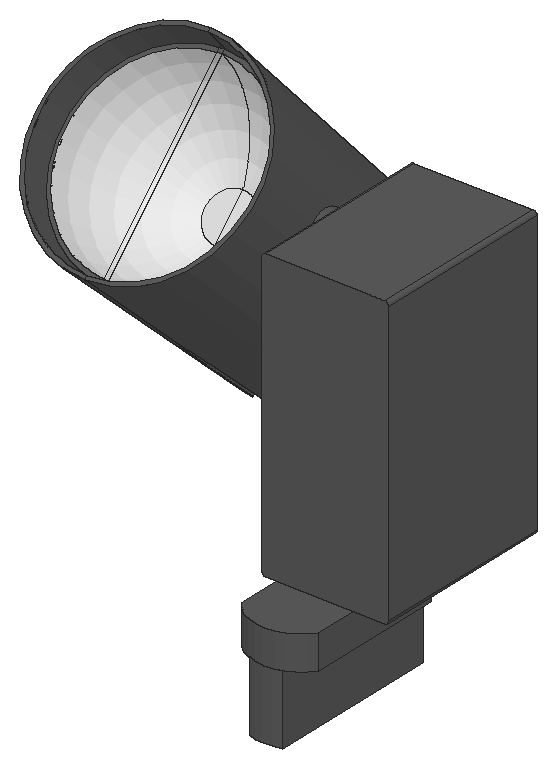
Revit family "0004941 Feilo Sylvania Lighting Fixture START TRACK SPOT S DALI 1944LM 930 MB BLK", category Lighting Fixtures, host Face, Revit 2017 (continued)
Definition of nested family "Start Track Spot Head"
  Types (96, lengths in mm): name | Wattage | built-in parameter 1150134 | Photometric Web File | Model | built-in parameter 1150105 | Lumens | built-in parameter 1150107 | built-in parameter 1150106 | HeadThickness_FEILO | HeadRibOffset_FEILO | HeadRibDepth_FEILO | HeadRibCutWidth_FEILO | HeadRibCutOffset_FEILO | HeadReflectorRadius_FEILO | HeadReflectorOffset_FEILO | HeadLEDRadius_FEILO | HeadHeight_FEILO | HeadDiffusorOffset_FEILO | HeadDiaOut_FEILO | HeadDiaIn_FEILO | HeadAxisFromTop_FEILO | Emit from Circle Diameter | built-in parameter 1150104 | Description | Apparent Load
    0004864 START TRACK SPOT S 24W 3K RA90 WB WHITE | 24 W | (empty or 0) | "0004864.ies" | "START TRACK SPOT S 24W 3K RA90 WB WHITE" | 152.79 (stored number, unit not read) | 1920 lm | 3000 (stored number, unit not read) | 1.5279 (stored number, unit not read) | 1.5 | 4.179 | 55.714 | 7.167 | 50.87 | 50.588 | 55.714 | 9.556 | 117 | 9.435 | 86 | 77.477 | 69.354 | 77.477 | 7.4322 (stored number, unit not read) | "Integrated LED spotlight, Textured White - RAL9016, compact and minimalist design, ideal for retail applications, die-cast aluminium body, passive cooling heatsink. Beam angle: 64°, color temperature: 3000K , total system power: 24W, total fixture output: 1928 lm, LOR: 100%, colour rendering: Ra: 90 typical, LED Chromaticity: 3 step MacAdam ellipse, lifetime: >50000 hours at L70B50, energy class: A++, A+, A, IR/UV free light source without heat radiation, operating voltage: 220-240V / 50-60Hz, drive current: 600mA, electronic driver, non-dimmable, power factor: 0.95, electrical protection: Class II, Global Track 3 Phase adapter suitable for Global trac 3-circuit tracks, ingress protection rating: IP20, suitable for internal environment only, horizontal rotation: 355°, vertical tilt: 90°, dimensions: Ø86x140x200, weight: 0.966kg." | 24 VA
    0004863 START TRACK SPOT S 24W 3K RA90 MB WHITE | 24 W | (empty or 0) | "0004863.ies" | "START TRACK SPOT S 24W 3K RA90 MB WHITE" | 154.7 (stored number, unit not read) | 1944 lm | 3000 (stored number, unit not read) | 1.547 (stored number, unit not read) | 1.5 | 4.179 | 55.714 | 7.167 | 50.87 | 50.588 | 55.714 | 9.556 | 117 | 9.435 | 86 | 77.477 | 69.354 | 77.477 | 7.5251 (stored number, unit not read) | "Integrated LED spotlight, Textured White - RAL9016, compact and minimalist design, ideal for retail applications, die-cast aluminium body, passive cooling heatsink. Beam angle: 36°, color temperature: 3000K , total system power: 24W, total fixture output: 1944 lm, LOR: 100%, colour rendering: Ra: 90 typical, LED Chromaticity: 3 step MacAdam ellipse, lifetime: >50000 hours at L70B50, energy class: A++, A+, A, IR/UV free light source without heat radiation, operating voltage: 220-240V / 50-60Hz, drive current: 600mA, electronic driver, non-dimmable, power factor: 0.95, electrical protection: Class II, Global Track 3 Phase adapter suitable for Global trac 3-circuit tracks, ingress protection rating: IP20, suitable for internal environment only, horizontal rotation: 355°, vertical tilt: 90°, dimensions: Ø86x140x200, weight: 0.966kg." | 24 VA
    0004862 START TRACK SPOT S 24W 3K RA90 NB WHITE | 24 W | (empty or 0) | "0004862.ies" | "START TRACK SPOT S 24W 3K RA90 NB WHITE" | 158.52 (stored number, unit not read) | 1992 lm | 3000 (stored number, unit not read) | 1.5852 (stored number, unit not read) | 1.5 | 4.179 | 55.714 | 7.167 | 50.87 | 50.588 | 55.714 | 9.556 | 117 | 9.435 | 86 | 77.477 | 69.354 | 77.477 | 7.711 (stored number, unit not read) | "Integrated LED spotlight, Textured White - RAL9016, compact and minimalist design, ideal for retail applications, die-cast aluminium body, passive cooling heatsink. Beam angle: 12°, color temperature: 3000K , total system power: 24W, total fixture output: 1987 lm, LOR: 100%, colour rendering: Ra: 90 typical, LED Chromaticity: 3 step MacAdam ellipse, lifetime: >50000 hours at L70B50, energy class: A++, A+, A, IR/UV free light source without heat radiation, operating voltage: 220-240V / 50-60Hz, drive current: 600mA, electronic driver, non-dimmable, power factor: 0.95, electrical protection: Class II, Global Track 3 Phase adapter suitable for Global trac 3-circuit tracks, ingress protection rating: IP20, suitable for internal environment only, horizontal rotation: 355°, vertical tilt: 90°, dimensions: Ø86x140x200, weight: 0.966kg." | 24 VA
    0004861 START TRACK SPOT S 14W 3K RA90 WB WHITE | 14 W | (empty or 0) | "0004861.ies" | "START TRACK SPOT S 14W 3K RA90 WB WHITE" | 100.27 (stored number, unit not read) | 1260 lm | 3000 (stored number, unit not read) | 1.0027 (stored number, unit not read) | 1.5 | 4.179 | 55.714 | 7.167 | 50.87 | 50.588 | 55.714 | 9.556 | 117 | 9.435 | 86 | 77.477 | 69.354 | 77.477 | 8.3613 (stored number, unit not read) | "Integrated LED spotlight, Textured White - RAL9016, compact and minimalist design, ideal for retail applications, die-cast aluminium body, passive cooling heatsink. Beam angle: 64°, color temperature: 3000K , total system power: 14W, total fixture output: 1262 lm, LOR: 100%, colour rendering: Ra: 90 typical, LED Chromaticity: 3 step MacAdam ellipse, lifetime: >50000 hours at L70B50, energy class: A++, A+, A, IR/UV free light source without heat radiation, operating voltage: 220-240V / 50-60Hz, drive current: 350mA, electronic driver, non-dimmable, power factor: 0.92, electrical protection: Class II, Global Track 3 Phase adapter suitable for Global trac 3-circuit tracks, ingress protection rating: IP20, suitable for internal environment only, horizontal rotation: 355°, vertical tilt: 90°, dimensions: Ø86x140x200, weight: 0.940kg." | 14 VA
    0004860 START TRACK SPOT S 14W 3K RA90 MB WHITE | 14 W | (empty or 0) | "0004860.ies" | "START TRACK SPOT S 14W 3K RA90 MB WHITE" | 100.27 (stored number, unit not read) | 1260 lm | 3000 (stored number, unit not read) | 1.0027 (stored number, unit not read) | 1.5 | 4.179 | 55.714 | 7.167 | 50.87 | 50.588 | 55.714 | 9.556 | 117 | 9.435 | 86 | 77.477 | 69.354 | 77.477 | 8.3613 (stored number, unit not read) | "Integrated LED spotlight, Textured White - RAL9016, compact and minimalist design, ideal for retail applications, die-cast aluminium body, passive cooling heatsink. Beam angle: 36°, color temperature: 3000K , total system power: 14W, total fixture output: 1262 lm, LOR: 100%, colour rendering: Ra: 90 typical, LED Chromaticity: 3 step MacAdam ellipse, lifetime: >50000 hours at L70B50, energy class: A++, A+, A, IR/UV free light source without heat radiation, operating voltage: 220-240V / 50-60Hz, drive current: 350mA, electronic driver, non-dimmable, power factor: 0.92, electrical protection: Class II, Global Track 3 Phase adapter suitable for Global trac 3-circuit tracks, ingress protection rating: IP20, suitable for internal environment only, horizontal rotation: 355°, vertical tilt: 90°, dimensions: Ø86x140x200, weight: 0.940kg." | 14 VA
    0004859 START TRACK SPOT S 14W 3K RA90 NB WHITE | 14 W | (empty or 0) | "0004859.ies" | "START TRACK SPOT S 14W 3K RA90 NB WHITE" | 102.5 (stored number, unit not read) | 1288 lm | 3000 (stored number, unit not read) | 1.025 (stored number, unit not read) | 1.5 | 4.179 | 55.714 | 7.167 | 50.87 | 50.588 | 55.714 | 9.556 | 117 | 9.435 | 86 | 77.477 | 69.354 | 77.477 | 8.5471 (stored number, unit not read) | "Integrated LED spotlight, Textured White - RAL9016, compact and minimalist design, ideal for retail applications, die-cast aluminium body, passive cooling heatsink. Beam angle: 12°, color temperature: 3000K , total system power: 14W, total fixture output: 1284 lm, LOR: 100%, colour rendering: Ra: 90 typical, LED Chromaticity: 3 step MacAdam ellipse, lifetime: >50000 hours at L70B50, energy class: A++, A+, A, IR/UV free light source without heat radiation, operating voltage: 220-240V / 50-60Hz, drive current: 350mA, electronic driver, non-dimmable, power factor: 0.92, electrical protection: Class II, Global Track 3 Phase adapter suitable for Global trac 3-circuit tracks, ingress protection rating: IP20, suitable for internal environment only, horizontal rotation: 355°, vertical tilt: 90°, dimensions: Ø86x140x200, weight: 0.940kg." | 14 VA
    0004858 START TRACK SPOT L 55W 4K RA80 WB BLACK | 55 W | 12 | "0004858.ies" | "START TRACK SPOT L 55W 4K RA80 WB BLACK" | 424.55 (stored number, unit not read) | 5335 lm | 4000 (stored number, unit not read) | 4.2455 (stored number, unit not read) | 2 | 4.429 | 59.048 | 9.417 | 53.913 | 66.471 | 59.048 | 12.556 | 124 | 10 | 113 | 101.802 | 73.503 | 101.802 | 9.0116 (stored number, unit not read) | "Integrated LED spotlight, Textured Black - RAL9005, compact and minimalist design, ideal for retail applications, die-cast aluminium body, passive cooling heatsink. Beam angle: 52°, color temperature: 4000K , total system power: 55W, total fixture output: 5320 lm, LOR: 100%, colour rendering: Ra: 80 typical, LED Chromaticity: 3 step MacAdam ellipse, lifetime: >50000 hours at L70B50, energy class: A++, A+, A, IR/UV free light source without heat radiation, operating voltage: 220-240V / 50-60Hz, drive current: 1400mA, electronic driver, non-dimmable, power factor: 0.96, electrical protection: Class II, Global Track 3 Phase adapter suitable for Global trac 3-circuit tracks, ingress protection rating: IP20, suitable for internal environment only, horizontal rotation: 355°, vertical tilt: 90°, dimensions: Ø113x164x240, weight: 1.398kg." | 55 VA
    0004857 START TRACK SPOT L 55W 4K RA80 MB BLACK | 55 W | 12 | "0004857.ies" | "START TRACK SPOT L 55W 4K RA80 MB BLACK" | 428.92 (stored number, unit not read) | 5390 lm | 4000 (stored number, unit not read) | 4.2892 (stored number, unit not read) | 2 | 4.429 | 59.048 | 9.417 | 53.913 | 66.471 | 59.048 | 12.556 | 124 | 10 | 113 | 101.802 | 73.503 | 101.802 | 9.1045 (stored number, unit not read) | "Integrated LED spotlight, Textured Black - RAL9005, compact and minimalist design, ideal for retail applications, die-cast aluminium body, passive cooling heatsink. Beam angle: 38°, color temperature: 4000K , total system power: 55W, total fixture output: 5378 lm, LOR: 100%, colour rendering: Ra: 80 typical, LED Chromaticity: 3 step MacAdam ellipse, lifetime: >50000 hours at L70B50, energy class: A++, A+, A, IR/UV free light source without heat radiation, operating voltage: 220-240V / 50-60Hz, drive current: 1400mA, electronic driver, non-dimmable, power factor: 0.96, electrical protection: Class II, Global Track 3 Phase adapter suitable for Global trac 3-circuit tracks, ingress protection rating: IP20, suitable for internal environment only, horizontal rotation: 355°, vertical tilt: 90°, dimensions: Ø113x164x240, weight: 1.398kg." | 55 VA
    0004856 START TRACK SPOT L 55W 4K RA80 NB BLACK | 55 W | 12 | "0004856.ies" | "START TRACK SPOT L 55W 4K RA80 NB BLACK" | 433.3 (stored number, unit not read) | 5445 lm | 4000 (stored number, unit not read) | 4.333 (stored number, unit not read) | 2 | 4.429 | 59.048 | 9.417 | 53.913 | 66.471 | 59.048 | 12.556 | 124 | 10 | 113 | 101.802 | 73.503 | 101.802 | 9.1974 (stored number, unit not read) | "Integrated LED spotlight, Textured Black - RAL9005, compact and minimalist design, ideal for retail applications, die-cast aluminium body, passive cooling heatsink. Beam angle: 15°, color temperature: 4000K , total system power: 55W, total fixture output: 5426 lm, LOR: 100%, colour rendering: Ra: 80 typical, LED Chromaticity: 3 step MacAdam ellipse, lifetime: >50000 hours at L70B50, energy class: A++, A+, A, IR/UV free light source without heat radiation, operating voltage: 220-240V / 50-60Hz, drive current: 1400mA, electronic driver, non-dimmable, power factor: 0.96, electrical protection: Class II, Global Track 3 Phase adapter suitable for Global trac 3-circuit tracks, ingress protection rating: IP20, suitable for internal environment only, horizontal rotation: 355°, vertical tilt: 90°, dimensions: Ø113x164x240, weight: 1.398kg." | 55 VA
    0004855 START TRACK SPOT L 35W 4K RA80 WB BLACK | 35 W | 12 | "0004855.ies" | "START TRACK SPOT L 35W 4K RA80 WB BLACK" | 320.3 (stored number, unit not read) | 4025 lm | 4000 (stored number, unit not read) | 3.203 (stored number, unit not read) | 2 | 4.429 | 59.048 | 9.417 | 53.913 | 66.471 | 59.048 | 12.556 | 124 | 10 | 113 | 101.802 | 73.503 | 101.802 | 10.684 (stored number, unit not read) | "Integrated LED spotlight, Textured Black - RAL9005, compact and minimalist design, ideal for retail applications, die-cast aluminium body, passive cooling heatsink. Beam angle: 52°, color temperature: 4000K , total system power: 35W, total fixture output: 4010 lm, LOR: 100%, colour rendering: Ra: 80 typical, LED Chromaticity: 3 step MacAdam ellipse, lifetime: >50000 hours at L70B50, energy class: A++, A+, A, IR/UV free light source without heat radiation, operating voltage: 220-240V / 50-60Hz, drive current: 900mA, electronic driver, non-dimmable, power factor: 0.93, electrical protection: Class II, Global Track 3 Phase adapter suitable for Global trac 3-circuit tracks, ingress protection rating: IP20, suitable for internal environment only, horizontal rotation: 355°, vertical tilt: 90°, dimensions: Ø113x164x240, weight: 1.368kg." | 35 VA
    0004854 START TRACK SPOT L 35W 4K RA80 MB BLACK | 35 W | 12 | "0004854.ies" | "START TRACK SPOT L 35W 4K RA80 MB BLACK" | 320.3 (stored number, unit not read) | 4025 lm | 4000 (stored number, unit not read) | 3.203 (stored number, unit not read) | 2 | 4.429 | 59.048 | 9.417 | 53.913 | 66.471 | 59.048 | 12.556 | 124 | 10 | 113 | 101.802 | 73.503 | 101.802 | 10.684 (stored number, unit not read) | "Integrated LED spotlight, Textured Black - RAL9005, compact and minimalist design, ideal for retail applications, die-cast aluminium body, passive cooling heatsink. Beam angle: 38°, color temperature: 4000K , total system power: 35W, total fixture output: 4017 lm, LOR: 100%, colour rendering: Ra: 80 typical, LED Chromaticity: 3 step MacAdam ellipse, lifetime: >50000 hours at L70B50, energy class: A++, A+, A, IR/UV free light source without heat radiation, operating voltage: 220-240V / 50-60Hz, drive current: 900mA, electronic driver, non-dimmable, power factor: 0.93, electrical protection: Class II, Global Track 3 Phase adapter suitable for Global trac 3-circuit tracks, ingress protection rating: IP20, suitable for internal environment only, horizontal rotation: 355°, vertical tilt: 90°, dimensions: Ø113x164x240, weight: 1.368kg." | 35 VA
    0004853 START TRACK SPOT L 35W 4K RA80 NB BLACK | 35 W | 12 | "0004853.ies" | "START TRACK SPOT L 35W 4K RA80 NB BLACK" | 331.44 (stored number, unit not read) | 4165 lm | 4000 (stored number, unit not read) | 3.3144 (stored number, unit not read) | 2 | 4.429 | 59.048 | 9.417 | 53.913 | 66.471 | 59.048 | 12.556 | 124 | 10 | 113 | 101.802 | 73.503 | 101.802 | 11.055 (stored number, unit not read) | "Integrated LED spotlight, Textured Black - RAL9005, compact and minimalist design, ideal for retail applications, die-cast aluminium body, passive cooling heatsink. Beam angle: 15°, color temperature: 4000K , total system power: 35W, total fixture output: 4174 lm, LOR: 100%, colour rendering: Ra: 80 typical, LED Chromaticity: 3 step MacAdam ellipse, lifetime: >50000 hours at L70B50, energy class: A++, A+, A, IR/UV free light source without heat radiation, operating voltage: 220-240V / 50-60Hz, drive current: 900mA, electronic driver, non-dimmable, power factor: 0.93, electrical protection: Class II, Global Track 3 Phase adapter suitable for Global trac 3-circuit tracks, ingress protection rating: IP20, suitable for internal environment only, horizontal rotation: 355°, vertical tilt: 90°, dimensions: Ø113x164x240, weight: 1.368kg." | 35 VA
    0004852 START TRACK SPOT S 24W 4K RA80 WB BLACK | 24 W | 12 | "0004852.ies" | "START TRACK SPOT S 24W 4K RA80 WB BLACK" | 196.72 (stored number, unit not read) | 2472 lm | 4000 (stored number, unit not read) | 1.9672 (stored number, unit not read) | 1.5 | 4.179 | 55.714 | 7.167 | 50.87 | 50.588 | 55.714 | 9.556 | 117 | 9.435 | 86 | 77.477 | 69.354 | 77.477 | 9.569 (stored number, unit not read) | "Integrated LED spotlight, Textured Black - RAL9005, compact and minimalist design, ideal for retail applications, die-cast aluminium body, passive cooling heatsink. Beam angle: 64°, color temperature: 4000K , total system power: 24W, total fixture output: 2476 lm, LOR: 100%, colour rendering: Ra: 80 typical, LED Chromaticity: 3 step MacAdam ellipse, lifetime: >50000 hours at L70B50, energy class: A++, A+, A, IR/UV free light source without heat radiation, operating voltage: 220-240V / 50-60Hz, drive current: 600mA, electronic driver, non-dimmable, power factor: 0.95, electrical protection: Class II, Global Track 3 Phase adapter suitable for Global trac 3-circuit tracks, ingress protection rating: IP20, suitable for internal environment only, horizontal rotation: 355°, vertical tilt: 90°, dimensions: Ø86x140x200, weight: 0.966kg." | 24 VA
    0004851 START TRACK SPOT S 24W 4K RA80 MB BLACK | 24 W | 12 | "0004851.ies" | "START TRACK SPOT S 24W 4K RA80 MB BLACK" | 198.63 (stored number, unit not read) | 2496 lm | 4000 (stored number, unit not read) | 1.9863 (stored number, unit not read) | 1.5 | 4.179 | 55.714 | 7.167 | 50.87 | 50.588 | 55.714 | 9.556 | 117 | 9.435 | 86 | 77.477 | 69.354 | 77.477 | 9.6619 (stored number, unit not read) | "Integrated LED spotlight, Textured Black - RAL9005, compact and minimalist design, ideal for retail applications, die-cast aluminium body, passive cooling heatsink. Beam angle: 36°, color temperature: 4000K , total system power: 24W, total fixture output: 2487 lm, LOR: 100%, colour rendering: Ra: 80 typical, LED Chromaticity: 3 step MacAdam ellipse, lifetime: >50000 hours at L70B50, energy class: A++, A+, A, IR/UV free light source without heat radiation, operating voltage: 220-240V / 50-60Hz, drive current: 600mA, electronic driver, non-dimmable, power factor: 0.95, electrical protection: Class II, Global Track 3 Phase adapter suitable for Global trac 3-circuit tracks, ingress protection rating: IP20, suitable for internal environment only, horizontal rotation: 355°, vertical tilt: 90°, dimensions: Ø86x140x200, weight: 0.966kg." | 24 VA
    0004850 START TRACK SPOT S 24W 4K RA80 NB BLACK | 24 W | 12 | "0004850.ies" | "START TRACK SPOT S 24W 4K RA80 NB BLACK" | 200.54 (stored number, unit not read) | 2520 lm | 4000 (stored number, unit not read) | 2.0054 (stored number, unit not read) | 1.5 | 4.179 | 55.714 | 7.167 | 50.87 | 50.588 | 55.714 | 9.556 | 117 | 9.435 | 86 | 77.477 | 69.354 | 77.477 | 9.7548 (stored number, unit not read) | "Integrated LED spotlight, Textured Black - RAL9005, compact and minimalist design, ideal for retail applications, die-cast aluminium body, passive cooling heatsink. Beam angle: 12°, color temperature: 4000K , total system power: 24W, total fixture output: 2529 lm, LOR: 100%, colour rendering: Ra: 80 typical, LED Chromaticity: 3 step MacAdam ellipse, lifetime: >50000 hours at L70B50, energy class: A++, A+, A, IR/UV free light source without heat radiation, operating voltage: 220-240V / 50-60Hz, drive current: 600mA, electronic driver, non-dimmable, power factor: 0.95, electrical protection: Class II, Global Track 3 Phase adapter suitable for Global trac 3-circuit tracks, ingress protection rating: IP20, suitable for internal environment only, horizontal rotation: 355°, vertical tilt: 90°, dimensions: Ø86x140x200, weight: 0.966kg." | 24 VA
    0004849 START TRACK SPOT S 14W 4K RA80 WB BLACK | 14 W | 12 | "0004849.ies" | "START TRACK SPOT S 14W 4K RA80 WB BLACK" | 123.66 (stored number, unit not read) | 1554 lm | 4000 (stored number, unit not read) | 1.2366 (stored number, unit not read) | 1.5 | 4.179 | 55.714 | 7.167 | 50.87 | 50.588 | 55.714 | 9.556 | 117 | 9.435 | 86 | 77.477 | 69.354 | 77.477 | 10.312 (stored number, unit not read) | "Integrated LED spotlight, Textured Black - RAL9005, compact and minimalist design, ideal for retail applications, die-cast aluminium body, passive cooling heatsink. Beam angle: 64°, color temperature: 4000K , total system power: 14W, total fixture output: 1558 lm, LOR: 100%, colour rendering: Ra: 80 typical, LED Chromaticity: 3 step MacAdam ellipse, lifetime: >50000 hours at L70B50, energy class: A++, A+, A, IR/UV free light source without heat radiation, operating voltage: 220-240V / 50-60Hz, drive current: 350mA, electronic driver, non-dimmable, power factor: 0.92, electrical protection: Class II, Global Track 3 Phase adapter suitable for Global trac 3-circuit tracks, ingress protection rating: IP20, suitable for internal environment only, horizontal rotation: 355°, vertical tilt: 90°, dimensions: Ø86x140x200, weight: 0.940kg." | 14 VA
    0004848 START TRACK SPOT S 14W 4K RA80 MB BLACK | 14 W | 12 | "0004848.ies" | "START TRACK SPOT S 14W 4K RA80 MB BLACK" | 127.01 (stored number, unit not read) | 1596 lm | 4000 (stored number, unit not read) | 1.2701 (stored number, unit not read) | 1.5 | 4.179 | 55.714 | 7.167 | 50.87 | 50.588 | 55.714 | 9.556 | 117 | 9.435 | 86 | 77.477 | 69.354 | 77.477 | 10.591 (stored number, unit not read) | "Integrated LED spotlight, Textured Black - RAL9005, compact and minimalist design, ideal for retail applications, die-cast aluminium body, passive cooling heatsink. Beam angle: 36°, color temperature: 4000K , total system power: 14W, total fixture output: 1598 lm, LOR: 100%, colour rendering: Ra: 80 typical, LED Chromaticity: 3 step MacAdam ellipse, lifetime: >50000 hours at L70B50, energy class: A++, A+, A, IR/UV free light source without heat radiation, operating voltage: 220-240V / 50-60Hz, drive current: 350mA, electronic driver, non-dimmable, power factor: 0.92, electrical protection: Class II, Global Track 3 Phase adapter suitable for Global trac 3-circuit tracks, ingress protection rating: IP20, suitable for internal environment only, horizontal rotation: 355°, vertical tilt: 90°, dimensions: Ø86x140x200, weight: 0.940kg." | 14 VA
    0004847 START TRACK SPOT S 14W 4K RA80 NB BLACK | 14 W | 12 | "0004847.ies" | "START TRACK SPOT S 14W 4K RA80 NB BLACK" | 128.12 (stored number, unit not read) | 1610 lm | 4000 (stored number, unit not read) | 1.2812 (stored number, unit not read) | 1.5 | 4.179 | 55.714 | 7.167 | 50.87 | 50.588 | 55.714 | 9.556 | 117 | 9.435 | 86 | 77.477 | 69.354 | 77.477 | 10.684 (stored number, unit not read) | "Integrated LED spotlight, Textured Black - RAL9005, compact and minimalist design, ideal for retail applications, die-cast aluminium body, passive cooling heatsink. Beam angle: 12°, color temperature: 4000K , total system power: 14W, total fixture output: 1608 lm, LOR: 100%, colour rendering: Ra: 80 typical, LED Chromaticity: 3 step MacAdam ellipse, lifetime: >50000 hours at L70B50, energy class: A++, A+, A, IR/UV free light source without heat radiation, operating voltage: 220-240V / 50-60Hz, drive current: 350mA, electronic driver, non-dimmable, power factor: 0.92, electrical protection: Class II, Global Track 3 Phase adapter suitable for Global trac 3-circuit tracks, ingress protection rating: IP20, suitable for internal environment only, horizontal rotation: 355°, vertical tilt: 90°, dimensions: Ø86x140x200, weight: 0.940kg." | 14 VA
    0004846 START TRACK SPOT L 55W 3K RA80 WB BLACK | 55 W | (empty or 0) | "0004846.ies" | "START TRACK SPOT L 55W 3K RA80 WB BLACK" | 420.17 (stored number, unit not read) | 5280 lm | 3000 (stored number, unit not read) | 4.2017 (stored number, unit not read) | 2 | 4.429 | 59.048 | 9.417 | 53.913 | 66.471 | 59.048 | 12.556 | 124 | 10 | 113 | 101.802 | 73.503 | 101.802 | 8.9187 (stored number, unit not read) | "Integrated LED spotlight, Textured Black - RAL9005, compact and minimalist design, ideal for retail applications, die-cast aluminium body, passive cooling heatsink. Beam angle: 52°, color temperature: 3000K , total system power: 55W, total fixture output: 5298 lm, LOR: 100%, colour rendering: Ra: 80 typical, LED Chromaticity: 3 step MacAdam ellipse, lifetime: >50000 hours at L70B50, energy class: A++, A+, A, IR/UV free light source without heat radiation, operating voltage: 220-240V / 50-60Hz, drive current: 1400mA, electronic driver, non-dimmable, power factor: 0.96, electrical protection: Class II, Global Track 3 Phase adapter suitable for Global trac 3-circuit tracks, ingress protection rating: IP20, suitable for internal environment only, horizontal rotation: 355°, vertical tilt: 90°, dimensions: Ø113x164x240, weight: 1.398kg." | 55 VA
    0004845 START TRACK SPOT L 55W 3K RA80 MB BLACK | 55 W | (empty or 0) | "0004845.ies" | "START TRACK SPOT L 55W 3K RA80 MB BLACK" | 428.92 (stored number, unit not read) | 5390 lm | 3000 (stored number, unit not read) | 4.2892 (stored number, unit not read) | 2 | 4.429 | 59.048 | 9.417 | 53.913 | 66.471 | 59.048 | 12.556 | 124 | 10 | 113 | 101.802 | 73.503 | 101.802 | 9.1045 (stored number, unit not read) | "Integrated LED spotlight, Textured Black - RAL9005, compact and minimalist design, ideal for retail applications, die-cast aluminium body, passive cooling heatsink. Beam angle: 38°, color temperature: 3000K , total system power: 55W, total fixture output: 5381 lm, LOR: 100%, colour rendering: Ra: 80 typical, LED Chromaticity: 3 step MacAdam ellipse, lifetime: >50000 hours at L70B50, energy class: A++, A+, A, IR/UV free light source without heat radiation, operating voltage: 220-240V / 50-60Hz, drive current: 1400mA, electronic driver, non-dimmable, power factor: 0.96, electrical protection: Class II, Global Track 3 Phase adapter suitable for Global trac 3-circuit tracks, ingress protection rating: IP20, suitable for internal environment only, horizontal rotation: 355°, vertical tilt: 90°, dimensions: Ø113x164x240, weight: 1.398kg." | 55 VA
    0004844 START TRACK SPOT L 55W 3K RA80 NB BLACK | 55 W | (empty or 0) | "0004844.ies" | "START TRACK SPOT L 55W 3K RA80 NB BLACK" | 433.3 (stored number, unit not read) | 5445 lm | 3000 (stored number, unit not read) | 4.333 (stored number, unit not read) | 2 | 4.429 | 59.048 | 9.417 | 53.913 | 66.471 | 59.048 | 12.556 | 124 | 10 | 113 | 101.802 | 73.503 | 101.802 | 9.1974 (stored number, unit not read) | "Integrated LED spotlight, Textured Black - RAL9005, compact and minimalist design, ideal for retail applications, die-cast aluminium body, passive cooling heatsink. Beam angle: 15°, color temperature: 3000K , total system power: 55W, total fixture output: 5449 lm, LOR: 100%, colour rendering: Ra: 80 typical, LED Chromaticity: 3 step MacAdam ellipse, lifetime: >50000 hours at L70B50, energy class: A++, A+, A, IR/UV free light source without heat radiation, operating voltage: 220-240V / 50-60Hz, drive current: 1400mA, electronic driver, non-dimmable, power factor: 0.96, electrical protection: Class II, Global Track 3 Phase adapter suitable for Global trac 3-circuit tracks, ingress protection rating: IP20, suitable for internal environment only, horizontal rotation: 355°, vertical tilt: 90°, dimensions: Ø113x164x240, weight: 1.398kg." | 55 VA
    0004843 START TRACK SPOT L 35W 3K RA80 WB BLACK | 35 W | (empty or 0) | "0004843.ies" | "START TRACK SPOT L 35W 3K RA80 WB BLACK" | 314.73 (stored number, unit not read) | 3955 lm | 3000 (stored number, unit not read) | 3.1473 (stored number, unit not read) | 2 | 4.429 | 59.048 | 9.417 | 53.913 | 66.471 | 59.048 | 12.556 | 124 | 10 | 113 | 101.802 | 73.503 | 101.802 | 10.498 (stored number, unit not read) | "Integrated LED spotlight, Textured Black - RAL9005, compact and minimalist design, ideal for retail applications, die-cast aluminium body, passive cooling heatsink. Beam angle: 52°, color temperature: 3000K , total system power: 35W, total fixture output: 3943 lm, LOR: 100%, colour rendering: Ra: 80 typical, LED Chromaticity: 3 step MacAdam ellipse, lifetime: >50000 hours at L70B50, energy class: A++, A+, A, IR/UV free light source without heat radiation, operating voltage: 220-240V / 50-60Hz, drive current: 900mA, electronic driver, non-dimmable, power factor: 0.93, electrical protection: Class II, Global Track 3 Phase adapter suitable for Global trac 3-circuit tracks, ingress protection rating: IP20, suitable for internal environment only, horizontal rotation: 355°, vertical tilt: 90°, dimensions: Ø113x164x240, weight: 1.368kg." | 35 VA
    0004842 START TRACK SPOT L 35W 3K RA80 MB BLACK | 35 W | (empty or 0) | "0004842.ies" | "START TRACK SPOT L 35W 3K RA80 MB BLACK" | 320.3 (stored number, unit not read) | 4025 lm | 3000 (stored number, unit not read) | 3.203 (stored number, unit not read) | 2 | 4.429 | 59.048 | 9.417 | 53.913 | 66.471 | 59.048 | 12.556 | 124 | 10 | 113 | 101.802 | 73.503 | 101.802 | 10.684 (stored number, unit not read) | "Integrated LED spotlight, Textured Black - RAL9005, compact and minimalist design, ideal for retail applications, die-cast aluminium body, passive cooling heatsink. Beam angle: 38°, color temperature: 3000K , total system power: 35W, total fixture output: 4008 lm, LOR: 100%, colour rendering: Ra: 80 typical, LED Chromaticity: 3 step MacAdam ellipse, lifetime: >50000 hours at L70B50, energy class: A++, A+, A, IR/UV free light source without heat radiation, operating voltage: 220-240V / 50-60Hz, drive current: 900mA, electronic driver, non-dimmable, power factor: 0.93, electrical protection: Class II, Global Track 3 Phase adapter suitable for Global trac 3-circuit tracks, ingress protection rating: IP20, suitable for internal environment only, horizontal rotation: 355°, vertical tilt: 90°, dimensions: Ø113x164x240, weight: 1.368kg." | 35 VA
    0004841 START TRACK SPOT L 35W 3K RA80 NB BLACK | 35 W | (empty or 0) | "0004841.ies" | "START TRACK SPOT L 35W 3K RA80 NB BLACK" | 317.51 (stored number, unit not read) | 3990 lm | 3000 (stored number, unit not read) | 3.1751 (stored number, unit not read) | 2 | 4.429 | 59.048 | 9.417 | 53.913 | 66.471 | 59.048 | 12.556 | 124 | 10 | 113 | 101.802 | 73.503 | 101.802 | 10.591 (stored number, unit not read) | "Integrated LED spotlight, Textured Black - RAL9005, compact and minimalist design, ideal for retail applications, die-cast aluminium body, passive cooling heatsink. Beam angle: 15°, color temperature: 3000K , total system power: 35W, total fixture output: 4005 lm, LOR: 100%, colour rendering: Ra: 80 typical, LED Chromaticity: 3 step MacAdam ellipse, lifetime: >50000 hours at L70B50, energy class: A++, A+, A, IR/UV free light source without heat radiation, operating voltage: 220-240V / 50-60Hz, drive current: 900mA, electronic driver, non-dimmable, power factor: 0.93, electrical protection: Class II, Global Track 3 Phase adapter suitable for Global trac 3-circuit tracks, ingress protection rating: IP20, suitable for internal environment only, horizontal rotation: 355°, vertical tilt: 90°, dimensions: Ø113x164x240, weight: 1.368kg." | 35 VA
    0004840 START TRACK SPOT S 24W 3K RA80 WB BLACK | 24 W | (empty or 0) | "0004840.ies" | "START TRACK SPOT S 24W 3K RA80 WB BLACK" | 185.26 (stored number, unit not read) | 2328 lm | 3000 (stored number, unit not read) | 1.8526 (stored number, unit not read) | 1.5 | 4.179 | 55.714 | 7.167 | 50.87 | 50.588 | 55.714 | 9.556 | 117 | 9.435 | 86 | 77.477 | 69.354 | 77.477 | 9.0116 (stored number, unit not read) | "Integrated LED spotlight, Textured Black - RAL9005, compact and minimalist design, ideal for retail applications, die-cast aluminium body, passive cooling heatsink. Beam angle: 64°, color temperature: 3000K , total system power: 24W, total fixture output: 2318 lm, LOR: 100%, colour rendering: Ra: 80 typical, LED Chromaticity: 3 step MacAdam ellipse, lifetime: >50000 hours at L70B50, energy class: A++, A+, A, IR/UV free light source without heat radiation, operating voltage: 220-240V / 50-60Hz, drive current: 600mA, electronic driver, non-dimmable, power factor: 0.95, electrical protection: Class II, Global Track 3 Phase adapter suitable for Global trac 3-circuit tracks, ingress protection rating: IP20, suitable for internal environment only, horizontal rotation: 355°, vertical tilt: 90°, dimensions: Ø86x140x200, weight: 0.966kg." | 24 VA
    0004839 START TRACK SPOT S 24W 3K RA80 MB BLACK | 24 W | (empty or 0) | "0004839.ies" | "START TRACK SPOT S 24W 3K RA80 MB BLACK" | 183.35 (stored number, unit not read) | 2304 lm | 3000 (stored number, unit not read) | 1.8335 (stored number, unit not read) | 1.5 | 4.179 | 55.714 | 7.167 | 50.87 | 50.588 | 55.714 | 9.556 | 117 | 9.435 | 86 | 77.477 | 69.354 | 77.477 | 8.9187 (stored number, unit not read) | "Integrated LED spotlight, Textured Black - RAL9005, compact and minimalist design, ideal for retail applications, die-cast aluminium body, passive cooling heatsink. Beam angle: 36°, color temperature: 3000K , total system power: 24W, total fixture output: 2314 lm, LOR: 100%, colour rendering: Ra: 80 typical, LED Chromaticity: 3 step MacAdam ellipse, lifetime: >50000 hours at L70B50, energy class: A++, A+, A, IR/UV free light source without heat radiation, operating voltage: 220-240V / 50-60Hz, drive current: 600mA, electronic driver, non-dimmable, power factor: 0.95, electrical protection: Class II, Global Track 3 Phase adapter suitable for Global trac 3-circuit tracks, ingress protection rating: IP20, suitable for internal environment only, horizontal rotation: 355°, vertical tilt: 90°, dimensions: Ø86x140x200, weight: 0.966kg." | 24 VA
    0004838 START TRACK SPOT S 24W 3K RA80 NB BLACK | 24 W | (empty or 0) | "0004838.ies" | "START TRACK SPOT S 24W 3K RA80 NB BLACK" | 185.26 (stored number, unit not read) | 2328 lm | 3000 (stored number, unit not read) | 1.8526 (stored number, unit not read) | 1.5 | 4.179 | 55.714 | 7.167 | 50.87 | 50.588 | 55.714 | 9.556 | 117 | 9.435 | 86 | 77.477 | 69.354 | 77.477 | 9.0116 (stored number, unit not read) | "Integrated LED spotlight, Textured Black - RAL9005, compact and minimalist design, ideal for retail applications, die-cast aluminium body, passive cooling heatsink. Beam angle: 12°, color temperature: 3000K , total system power: 24W, total fixture output: 2334 lm, LOR: 100%, colour rendering: Ra: 80 typical, LED Chromaticity: 3 step MacAdam ellipse, lifetime: >50000 hours at L70B50, energy class: A++, A+, A, IR/UV free light source without heat radiation, operating voltage: 220-240V / 50-60Hz, drive current: 600mA, electronic driver, non-dimmable, power factor: 0.95, electrical protection: Class II, Global Track 3 Phase adapter suitable for Global trac 3-circuit tracks, ingress protection rating: IP20, suitable for internal environment only, horizontal rotation: 355°, vertical tilt: 90°, dimensions: Ø86x140x200, weight: 0.966kg." | 24 VA
    0004837 START TRACK SPOT S 14W 3K RA80 WB BLACK | 14 W | (empty or 0) | "0004837.ies" | "START TRACK SPOT S 14W 3K RA80 WB BLACK" | 119.21 (stored number, unit not read) | 1498 lm | 3000 (stored number, unit not read) | 1.1921 (stored number, unit not read) | 1.5 | 4.179 | 55.714 | 7.167 | 50.87 | 50.588 | 55.714 | 9.556 | 117 | 9.435 | 86 | 77.477 | 69.354 | 77.477 | 9.9406 (stored number, unit not read) | "Integrated LED spotlight, Textured Black - RAL9005, compact and minimalist design, ideal for retail applications, die-cast aluminium body, passive cooling heatsink. Beam angle: 64°, color temperature: 3000K , total system power: 14W, total fixture output: 1498 lm, LOR: 100%, colour rendering: Ra: 80 typical, LED Chromaticity: 3 step MacAdam ellipse, lifetime: >50000 hours at L70B50, energy class: A++, A+, A, IR/UV free light source without heat radiation, operating voltage: 220-240V / 50-60Hz, drive current: 350mA, electronic driver, non-dimmable, power factor: 0.92, electrical protection: Class II, Global Track 3 Phase adapter suitable for Global trac 3-circuit tracks, ingress protection rating: IP20, suitable for internal environment only, horizontal rotation: 355°, vertical tilt: 90°, dimensions: Ø86x140x200, weight: 0.940kg." | 14 VA
    0004836 START TRACK SPOT S 14W 3K RA80 MB BLACK | 14 W | (empty or 0) | "0004836.ies" | "START TRACK SPOT S 14W 3K RA80 MB BLACK" | 120.32 (stored number, unit not read) | 1512 lm | 3000 (stored number, unit not read) | 1.2032 (stored number, unit not read) | 1.5 | 4.179 | 55.714 | 7.167 | 50.87 | 50.588 | 55.714 | 9.556 | 117 | 9.435 | 86 | 77.477 | 69.354 | 77.477 | 10.034 (stored number, unit not read) | "Integrated LED spotlight, Textured Black - RAL9005, compact and minimalist design, ideal for retail applications, die-cast aluminium body, passive cooling heatsink. Beam angle: 36°, color temperature: 3000K , total system power: 14W, total fixture output: 1508 lm, LOR: 100%, colour rendering: Ra: 80 typical, LED Chromaticity: 3 step MacAdam ellipse, lifetime: >50000 hours at L70B50, energy class: A++, A+, A, IR/UV free light source without heat radiation, operating voltage: 220-240V / 50-60Hz, drive current: 350mA, electronic driver, non-dimmable, power factor: 0.92, electrical protection: Class II, Global Track 3 Phase adapter suitable for Global trac 3-circuit tracks, ingress protection rating: IP20, suitable for internal environment only, horizontal rotation: 355°, vertical tilt: 90°, dimensions: Ø86x140x200, weight: 0.940kg." | 14 VA
    0004835 START TRACK SPOT S 14W 3K RA80 NB BLACK | 14 W | (empty or 0) | "0004835.ies" | "START TRACK SPOT S 14W 3K RA80 NB BLACK" | 123.66 (stored number, unit not read) | 1554 lm | 3000 (stored number, unit not read) | 1.2366 (stored number, unit not read) | 1.5 | 4.179 | 55.714 | 7.167 | 50.87 | 50.588 | 55.714 | 9.556 | 117 | 9.435 | 86 | 77.477 | 69.354 | 77.477 | 10.312 (stored number, unit not read) | "Integrated LED spotlight, Textured Black - RAL9005, compact and minimalist design, ideal for retail applications, die-cast aluminium body, passive cooling heatsink. Beam angle: 12°, color temperature: 3000K , total system power: 14W, total fixture output: 1551 lm, LOR: 100%, colour rendering: Ra: 80 typical, LED Chromaticity: 3 step MacAdam ellipse, lifetime: >50000 hours at L70B50, energy class: A++, A+, A, IR/UV free light source without heat radiation, operating voltage: 220-240V / 50-60Hz, drive current: 350mA, electronic driver, non-dimmable, power factor: 0.92, electrical protection: Class II, Global Track 3 Phase adapter suitable for Global trac 3-circuit tracks, ingress protection rating: IP20, suitable for internal environment only, horizontal rotation: 355°, vertical tilt: 90°, dimensions: Ø86x140x200, weight: 0.940kg." | 14 VA
    0004834 START TRACK SPOT L 55W 4K RA80 WB WHITE | 55 W | 12 | "0004834.ies" | "START TRACK SPOT L 55W 4K RA80 WB WHITE" | 424.55 (stored number, unit not read) | 5335 lm | 4000 (stored number, unit not read) | 4.2455 (stored number, unit not read) | 2 | 4.429 | 59.048 | 9.417 | 53.913 | 66.471 | 59.048 | 12.556 | 124 | 10 | 113 | 101.802 | 73.503 | 101.802 | 9.0116 (stored number, unit not read) | "Integrated LED spotlight, Textured White - RAL9016, compact and minimalist design, ideal for retail applications, die-cast aluminium body, passive cooling heatsink. Beam angle: 52°, color temperature: 4000K , total system power: 55W, total fixture output: 5320 lm, LOR: 100%, colour rendering: Ra: 80 typical, LED Chromaticity: 3 step MacAdam ellipse, lifetime: >50000 hours at L70B50, energy class: A++, A+, A, IR/UV free light source without heat radiation, operating voltage: 220-240V / 50-60Hz, drive current: 1400mA, electronic driver, non-dimmable, power factor: 0.96, electrical protection: Class II, Global Track 3 Phase adapter suitable for Global trac 3-circuit tracks, ingress protection rating: IP20, suitable for internal environment only, horizontal rotation: 355°, vertical tilt: 90°, dimensions: Ø113x164x240, weight: 1.398kg." | 55 VA
    0004833 START TRACK SPOT L 55W 4K RA80 MB WHITE | 55 W | 12 | "0004833.ies" | "START TRACK SPOT L 55W 4K RA80 MB WHITE" | 428.92 (stored number, unit not read) | 5390 lm | 4000 (stored number, unit not read) | 4.2892 (stored number, unit not read) | 2 | 4.429 | 59.048 | 9.417 | 53.913 | 66.471 | 59.048 | 12.556 | 124 | 10 | 113 | 101.802 | 73.503 | 101.802 | 9.1045 (stored number, unit not read) | "Integrated LED spotlight, Textured White - RAL9016, compact and minimalist design, ideal for retail applications, die-cast aluminium body, passive cooling heatsink. Beam angle: 38°, color temperature: 4000K , total system power: 55W, total fixture output: 5378 lm, LOR: 100%, colour rendering: Ra: 80 typical, LED Chromaticity: 3 step MacAdam ellipse, lifetime: >50000 hours at L70B50, energy class: A++, A+, A, IR/UV free light source without heat radiation, operating voltage: 220-240V / 50-60Hz, drive current: 1400mA, electronic driver, non-dimmable, power factor: 0.96, electrical protection: Class II, Global Track 3 Phase adapter suitable for Global trac 3-circuit tracks, ingress protection rating: IP20, suitable for internal environment only, horizontal rotation: 355°, vertical tilt: 90°, dimensions: Ø113x164x240, weight: 1.398kg." | 55 VA
    0004832 START TRACK SPOT L 55W 4K RA80 NB WHITE | 55 W | 12 | "0004832.ies" | "START TRACK SPOT L 55W 4K RA80 NB WHITE" | 433.3 (stored number, unit not read) | 5445 lm | 4000 (stored number, unit not read) | 4.333 (stored number, unit not read) | 2 | 4.429 | 59.048 | 9.417 | 53.913 | 66.471 | 59.048 | 12.556 | 124 | 10 | 113 | 101.802 | 73.503 | 101.802 | 9.1974 (stored number, unit not read) | "Integrated LED spotlight, Textured White - RAL9016, compact and minimalist design, ideal for retail applications, die-cast aluminium body, passive cooling heatsink. Beam angle: 15°, color temperature: 4000K , total system power: 55W, total fixture output: 5426 lm, LOR: 100%, colour rendering: Ra: 80 typical, LED Chromaticity: 3 step MacAdam ellipse, lifetime: >50000 hours at L70B50, energy class: A++, A+, A, IR/UV free light source without heat radiation, operating voltage: 220-240V / 50-60Hz, drive current: 1400mA, electronic driver, non-dimmable, power factor: 0.96, electrical protection: Class II, Global Track 3 Phase adapter suitable for Global trac 3-circuit tracks, ingress protection rating: IP20, suitable for internal environment only, horizontal rotation: 355°, vertical tilt: 90°, dimensions: Ø113x164x240, weight: 1.398kg." | 55 VA
    0004831 START TRACK SPOT L 35W 4K RA80 WB WHITE | 35 W | 12 | "0004831.ies" | "START TRACK SPOT L 35W 4K RA80 WB WHITE" | 320.3 (stored number, unit not read) | 4025 lm | 4000 (stored number, unit not read) | 3.203 (stored number, unit not read) | 2 | 4.429 | 59.048 | 9.417 | 53.913 | 66.471 | 59.048 | 12.556 | 124 | 10 | 113 | 101.802 | 73.503 | 101.802 | 10.684 (stored number, unit not read) | "Integrated LED spotlight, Textured White - RAL9016, compact and minimalist design, ideal for retail applications, die-cast aluminium body, passive cooling heatsink. Beam angle: 52°, color temperature: 4000K , total system power: 35W, total fixture output: 4010 lm, LOR: 100%, colour rendering: Ra: 80 typical, LED Chromaticity: 3 step MacAdam ellipse, lifetime: >50000 hours at L70B50, energy class: A++, A+, A, IR/UV free light source without heat radiation, operating voltage: 220-240V / 50-60Hz, drive current: 900mA, electronic driver, non-dimmable, power factor: 0.93, electrical protection: Class II, Global Track 3 Phase adapter suitable for Global trac 3-circuit tracks, ingress protection rating: IP20, suitable for internal environment only, horizontal rotation: 355°, vertical tilt: 90°, dimensions: Ø113x164x240, weight: 1.368kg." | 35 VA
    0004830 START TRACK SPOT L 35W 4K RA80 MB WHITE | 35 W | 12 | "0004830.ies" | "START TRACK SPOT L 35W 4K RA80 MB WHITE" | 320.3 (stored number, unit not read) | 4025 lm | 4000 (stored number, unit not read) | 3.203 (stored number, unit not read) | 2 | 4.429 | 59.048 | 9.417 | 53.913 | 66.471 | 59.048 | 12.556 | 124 | 10 | 113 | 101.802 | 73.503 | 101.802 | 10.684 (stored number, unit not read) | "Integrated LED spotlight, Textured White - RAL9016, compact and minimalist design, ideal for retail applications, die-cast aluminium body, passive cooling heatsink. Beam angle: 38°, color temperature: 4000K , total system power: 35W, total fixture output: 4017 lm, LOR: 100%, colour rendering: Ra: 80 typical, LED Chromaticity: 3 step MacAdam ellipse, lifetime: >50000 hours at L70B50, energy class: A++, A+, A, IR/UV free light source without heat radiation, operating voltage: 220-240V / 50-60Hz, drive current: 900mA, electronic driver, non-dimmable, power factor: 0.93, electrical protection: Class II, Global Track 3 Phase adapter suitable for Global trac 3-circuit tracks, ingress protection rating: IP20, suitable for internal environment only, horizontal rotation: 355°, vertical tilt: 90°, dimensions: Ø113x164x240, weight: 1.368kg." | 35 VA
    0004829 START TRACK SPOT L 35W 4K RA80 NB WHITE | 35 W | 12 | "0004829.ies" | "START TRACK SPOT L 35W 4K RA80 NB WHITE" | 331.44 (stored number, unit not read) | 4165 lm | 4000 (stored number, unit not read) | 3.3144 (stored number, unit not read) | 2 | 4.429 | 59.048 | 9.417 | 53.913 | 66.471 | 59.048 | 12.556 | 124 | 10 | 113 | 101.802 | 73.503 | 101.802 | 11.055 (stored number, unit not read) | "Integrated LED spotlight, Textured White - RAL9016, compact and minimalist design, ideal for retail applications, die-cast aluminium body, passive cooling heatsink. Beam angle: 15°, color temperature: 4000K , total system power: 35W, total fixture output: 4174 lm, LOR: 100%, colour rendering: Ra: 80 typical, LED Chromaticity: 3 step MacAdam ellipse, lifetime: >50000 hours at L70B50, energy class: A++, A+, A, IR/UV free light source without heat radiation, operating voltage: 220-240V / 50-60Hz, drive current: 900mA, electronic driver, non-dimmable, power factor: 0.93, electrical protection: Class II, Global Track 3 Phase adapter suitable for Global trac 3-circuit tracks, ingress protection rating: IP20, suitable for internal environment only, horizontal rotation: 355°, vertical tilt: 90°, dimensions: Ø113x164x240, weight: 1.368kg." | 35 VA
    0004828 START TRACK SPOT S 24W 4K RA80 WB WHITE | 24 W | 12 | "0004828.ies" | "START TRACK SPOT S 24W 4K RA80 WB WHITE" | 196.72 (stored number, unit not read) | 2472 lm | 4000 (stored number, unit not read) | 1.9672 (stored number, unit not read) | 1.5 | 4.179 | 55.714 | 7.167 | 50.87 | 50.588 | 55.714 | 9.556 | 117 | 9.435 | 86 | 77.477 | 69.354 | 77.477 | 9.569 (stored number, unit not read) | "Integrated LED spotlight, Textured White - RAL9016, compact and minimalist design, ideal for retail applications, die-cast aluminium body, passive cooling heatsink. Beam angle: 64°, color temperature: 4000K , total system power: 24W, total fixture output: 2476 lm, LOR: 100%, colour rendering: Ra: 80 typical, LED Chromaticity: 3 step MacAdam ellipse, lifetime: >50000 hours at L70B50, energy class: A++, A+, A, IR/UV free light source without heat radiation, operating voltage: 220-240V / 50-60Hz, drive current: 600mA, electronic driver, non-dimmable, power factor: 0.95, electrical protection: Class II, Global Track 3 Phase adapter suitable for Global trac 3-circuit tracks, ingress protection rating: IP20, suitable for internal environment only, horizontal rotation: 355°, vertical tilt: 90°, dimensions: Ø86x140x200, weight: 0.966kg." | 24 VA
    0004827 START TRACK SPOT S 24W 4K RA80 MB WHITE | 24 W | 12 | "0004827.ies" | "START TRACK SPOT S 24W 4K RA80 MB WHITE" | 198.63 (stored number, unit not read) | 2496 lm | 4000 (stored number, unit not read) | 1.9863 (stored number, unit not read) | 1.5 | 4.179 | 55.714 | 7.167 | 50.87 | 50.588 | 55.714 | 9.556 | 117 | 9.435 | 86 | 77.477 | 69.354 | 77.477 | 9.6619 (stored number, unit not read) | "Integrated LED spotlight, Textured White - RAL9016, compact and minimalist design, ideal for retail applications, die-cast aluminium body, passive cooling heatsink. Beam angle: 36°, color temperature: 4000K , total system power: 24W, total fixture output: 2487 lm, LOR: 100%, colour rendering: Ra: 80 typical, LED Chromaticity: 3 step MacAdam ellipse, lifetime: >50000 hours at L70B50, energy class: A++, A+, A, IR/UV free light source without heat radiation, operating voltage: 220-240V / 50-60Hz, drive current: 600mA, electronic driver, non-dimmable, power factor: 0.95, electrical protection: Class II, Global Track 3 Phase adapter suitable for Global trac 3-circuit tracks, ingress protection rating: IP20, suitable for internal environment only, horizontal rotation: 355°, vertical tilt: 90°, dimensions: Ø86x140x200, weight: 0.966kg." | 24 VA
    0004826 START TRACK SPOT S 24W 4K RA80 NB WHITE | 24 W | 12 | "0004826.ies" | "START TRACK SPOT S 24W 4K RA80 NB WHITE" | 200.54 (stored number, unit not read) | 2520 lm | 4000 (stored number, unit not read) | 2.0054 (stored number, unit not read) | 1.5 | 4.179 | 55.714 | 7.167 | 50.87 | 50.588 | 55.714 | 9.556 | 117 | 9.435 | 86 | 77.477 | 69.354 | 77.477 | 9.7548 (stored number, unit not read) | "Integrated LED spotlight, Textured White - RAL9016, compact and minimalist design, ideal for retail applications, die-cast aluminium body, passive cooling heatsink. Beam angle: 12°, color temperature: 4000K , total system power: 24W, total fixture output: 2529 lm, LOR: 100%, colour rendering: Ra: 80 typical, LED Chromaticity: 3 step MacAdam ellipse, lifetime: >50000 hours at L70B50, energy class: A++, A+, A, IR/UV free light source without heat radiation, operating voltage: 220-240V / 50-60Hz, drive current: 600mA, electronic driver, non-dimmable, power factor: 0.95, electrical protection: Class II, Global Track 3 Phase adapter suitable for Global trac 3-circuit tracks, ingress protection rating: IP20, suitable for internal environment only, horizontal rotation: 355°, vertical tilt: 90°, dimensions: Ø86x140x200, weight: 0.966kg." | 24 VA
    0004825 START TRACK SPOT S 14W 4K RA80 WB WHITE | 14 W | 12 | "0004825.ies" | "START TRACK SPOT S 14W 4K RA80 WB WHITE" | 123.66 (stored number, unit not read) | 1554 lm | 4000 (stored number, unit not read) | 1.2366 (stored number, unit not read) | 1.5 | 4.179 | 55.714 | 7.167 | 50.87 | 50.588 | 55.714 | 9.556 | 117 | 9.435 | 86 | 77.477 | 69.354 | 77.477 | 10.312 (stored number, unit not read) | "Integrated LED spotlight, Textured White - RAL9016, compact and minimalist design, ideal for retail applications, die-cast aluminium body, passive cooling heatsink. Beam angle: 64°, color temperature: 4000K , total system power: 14W, total fixture output: 1558 lm, LOR: 100%, colour rendering: Ra: 80 typical, LED Chromaticity: 3 step MacAdam ellipse, lifetime: >50000 hours at L70B50, energy class: A++, A+, A, IR/UV free light source without heat radiation, operating voltage: 220-240V / 50-60Hz, drive current: 350mA, electronic driver, non-dimmable, power factor: 0.92, electrical protection: Class II, Global Track 3 Phase adapter suitable for Global trac 3-circuit tracks, ingress protection rating: IP20, suitable for internal environment only, horizontal rotation: 355°, vertical tilt: 90°, dimensions: Ø86x140x200, weight: 0.940kg." | 14 VA
    0004824 START TRACK SPOT S 14W 4K RA80 MB WHITE | 14 W | 12 | "0004824.ies" | "START TRACK SPOT S 14W 4K RA80 MB WHITE" | 127.01 (stored number, unit not read) | 1596 lm | 4000 (stored number, unit not read) | 1.2701 (stored number, unit not read) | 1.5 | 4.179 | 55.714 | 7.167 | 50.87 | 50.588 | 55.714 | 9.556 | 117 | 9.435 | 86 | 77.477 | 69.354 | 77.477 | 10.591 (stored number, unit not read) | "Integrated LED spotlight, Textured White - RAL9016, compact and minimalist design, ideal for retail applications, die-cast aluminium body, passive cooling heatsink. Beam angle: 36°, color temperature: 4000K , total system power: 14W, total fixture output: 1598 lm, LOR: 100%, colour rendering: Ra: 80 typical, LED Chromaticity: 3 step MacAdam ellipse, lifetime: >50000 hours at L70B50, energy class: A++, A+, A, IR/UV free light source without heat radiation, operating voltage: 220-240V / 50-60Hz, drive current: 350mA, electronic driver, non-dimmable, power factor: 0.92, electrical protection: Class II, Global Track 3 Phase adapter suitable for Global trac 3-circuit tracks, ingress protection rating: IP20, suitable for internal environment only, horizontal rotation: 355°, vertical tilt: 90°, dimensions: Ø86x140x200, weight: 0.940kg." | 14 VA
    0004823 START TRACK SPOT S 14W 4K RA80 NB WHITE | 14 W | 12 | "0004823.ies" | "START TRACK SPOT S 14W 4K RA80 NB WHITE" | 128.12 (stored number, unit not read) | 1610 lm | 4000 (stored number, unit not read) | 1.2812 (stored number, unit not read) | 1.5 | 4.179 | 55.714 | 7.167 | 50.87 | 50.588 | 55.714 | 9.556 | 117 | 9.435 | 86 | 77.477 | 69.354 | 77.477 | 10.684 (stored number, unit not read) | "Integrated LED spotlight, Textured White - RAL9016, compact and minimalist design, ideal for retail applications, die-cast aluminium body, passive cooling heatsink. Beam angle: 12°, color temperature: 4000K , total system power: 14W, total fixture output: 1608 lm, LOR: 100%, colour rendering: Ra: 80 typical, LED Chromaticity: 3 step MacAdam ellipse, lifetime: >50000 hours at L70B50, energy class: A++, A+, A, IR/UV free light source without heat radiation, operating voltage: 220-240V / 50-60Hz, drive current: 350mA, electronic driver, non-dimmable, power factor: 0.92, electrical protection: Class II, Global Track 3 Phase adapter suitable for Global trac 3-circuit tracks, ingress protection rating: IP20, suitable for internal environment only, horizontal rotation: 355°, vertical tilt: 90°, dimensions: Ø86x140x200, weight: 0.940kg." | 14 VA
    0004822 START TRACK SPOT L 55W 3K RA80 WB WHITE | 55 W | (empty or 0) | "0004822.ies" | "START TRACK SPOT L 55W 3K RA80 WB WHITE" | 420.17 (stored number, unit not read) | 5280 lm | 3000 (stored number, unit not read) | 4.2017 (stored number, unit not read) | 2 | 4.429 | 59.048 | 9.417 | 53.913 | 66.471 | 59.048 | 12.556 | 124 | 10 | 113 | 101.802 | 73.503 | 101.802 | 8.9187 (stored number, unit not read) | "Integrated LED spotlight, Textured White - RAL9016, compact and minimalist design, ideal for retail applications, die-cast aluminium body, passive cooling heatsink. Beam angle: 52°, color temperature: 3000K , total system power: 55W, total fixture output: 5298 lm, LOR: 100%, colour rendering: Ra: 80 typical, LED Chromaticity: 3 step MacAdam ellipse, lifetime: >50000 hours at L70B50, energy class: A++, A+, A, IR/UV free light source without heat radiation, operating voltage: 220-240V / 50-60Hz, drive current: 1400mA, electronic driver, non-dimmable, power factor: 0.96, electrical protection: Class II, Global Track 3 Phase adapter suitable for Global trac 3-circuit tracks, ingress protection rating: IP20, suitable for internal environment only, horizontal rotation: 355°, vertical tilt: 90°, dimensions: Ø113x164x240, weight: 1.398kg." | 55 VA
    0004821 START TRACK SPOT L 55W 3K RA80 MB WHITE | 55 W | (empty or 0) | "0004821.ies" | "START TRACK SPOT L 55W 3K RA80 MB WHITE" | 428.92 (stored number, unit not read) | 5390 lm | 3000 (stored number, unit not read) | 4.2892 (stored number, unit not read) | 2 | 4.429 | 59.048 | 9.417 | 53.913 | 66.471 | 59.048 | 12.556 | 124 | 10 | 113 | 101.802 | 73.503 | 101.802 | 9.1045 (stored number, unit not read) | "Integrated LED spotlight, Textured White - RAL9016, compact and minimalist design, ideal for retail applications, die-cast aluminium body, passive cooling heatsink. Beam angle: 38°, color temperature: 3000K , total system power: 55W, total fixture output: 5381 lm, LOR: 100%, colour rendering: Ra: 80 typical, LED Chromaticity: 3 step MacAdam ellipse, lifetime: >50000 hours at L70B50, energy class: A++, A+, A, IR/UV free light source without heat radiation, operating voltage: 220-240V / 50-60Hz, drive current: 1400mA, electronic driver, non-dimmable, power factor: 0.96, electrical protection: Class II, Global Track 3 Phase adapter suitable for Global trac 3-circuit tracks, ingress protection rating: IP20, suitable for internal environment only, horizontal rotation: 355°, vertical tilt: 90°, dimensions: Ø113x164x240, weight: 1.398kg." | 55 VA
    0004820 START TRACK SPOT L 55W 3K RA80 NB WHITE | 55 W | (empty or 0) | "0004820.ies" | "START TRACK SPOT L 55W 3K RA80 NB WHITE" | 433.3 (stored number, unit not read) | 5445 lm | 3000 (stored number, unit not read) | 4.333 (stored number, unit not read) | 2 | 4.429 | 59.048 | 9.417 | 53.913 | 66.471 | 59.048 | 12.556 | 124 | 10 | 113 | 101.802 | 73.503 | 101.802 | 9.1974 (stored number, unit not read) | "Integrated LED spotlight, Textured White - RAL9016, compact and minimalist design, ideal for retail applications, die-cast aluminium body, passive cooling heatsink. Beam angle: 15°, color temperature: 3000K , total system power: 55W, total fixture output: 5449 lm, LOR: 100%, colour rendering: Ra: 80 typical, LED Chromaticity: 3 step MacAdam ellipse, lifetime: >50000 hours at L70B50, energy class: A++, A+, A, IR/UV free light source without heat radiation, operating voltage: 220-240V / 50-60Hz, drive current: 1400mA, electronic driver, non-dimmable, power factor: 0.96, electrical protection: Class II, Global Track 3 Phase adapter suitable for Global trac 3-circuit tracks, ingress protection rating: IP20, suitable for internal environment only, horizontal rotation: 355°, vertical tilt: 90°, dimensions: Ø113x164x240, weight: 1.398kg." | 55 VA
    0004819 START TRACK SPOT L 35W 3K RA80 WB WHITE | 35 W | (empty or 0) | "0004819.ies" | "START TRACK SPOT L 35W 3K RA80 WB WHITE" | 314.73 (stored number, unit not read) | 3955 lm | 3000 (stored number, unit not read) | 3.1473 (stored number, unit not read) | 2 | 4.429 | 59.048 | 9.417 | 53.913 | 66.471 | 59.048 | 12.556 | 124 | 10 | 113 | 101.802 | 73.503 | 101.802 | 10.498 (stored number, unit not read) | "Integrated LED spotlight, Textured White - RAL9016, compact and minimalist design, ideal for retail applications, die-cast aluminium body, passive cooling heatsink. Beam angle: 52°, color temperature: 3000K , total system power: 35W, total fixture output: 3943 lm, LOR: 100%, colour rendering: Ra: 80 typical, LED Chromaticity: 3 step MacAdam ellipse, lifetime: >50000 hours at L70B50, energy class: A++, A+, A, IR/UV free light source without heat radiation, operating voltage: 220-240V / 50-60Hz, drive current: 900mA, electronic driver, non-dimmable, power factor: 0.93, electrical protection: Class II, Global Track 3 Phase adapter suitable for Global trac 3-circuit tracks, ingress protection rating: IP20, suitable for internal environment only, horizontal rotation: 355°, vertical tilt: 90°, dimensions: Ø113x164x240, weight: 1.368kg." | 35 VA
    0004818 START TRACK SPOT L 35W 3K RA80 MB WHITE | 35 W | (empty or 0) | "0004818.ies" | "START TRACK SPOT L 35W 3K RA80 MB WHITE" | 320.3 (stored number, unit not read) | 4025 lm | 3000 (stored number, unit not read) | 3.203 (stored number, unit not read) | 2 | 4.429 | 59.048 | 9.417 | 53.913 | 66.471 | 59.048 | 12.556 | 124 | 10 | 113 | 101.802 | 73.503 | 101.802 | 10.684 (stored number, unit not read) | "Integrated LED spotlight, Textured White - RAL9016, compact and minimalist design, ideal for retail applications, die-cast aluminium body, passive cooling heatsink. Beam angle: 38°, color temperature: 3000K , total system power: 35W, total fixture output: 4008 lm, LOR: 100%, colour rendering: Ra: 80 typical, LED Chromaticity: 3 step MacAdam ellipse, lifetime: >50000 hours at L70B50, energy class: A++, A+, A, IR/UV free light source without heat radiation, operating voltage: 220-240V / 50-60Hz, drive current: 900mA, electronic driver, non-dimmable, power factor: 0.93, electrical protection: Class II, Global Track 3 Phase adapter suitable for Global trac 3-circuit tracks, ingress protection rating: IP20, suitable for internal environment only, horizontal rotation: 355°, vertical tilt: 90°, dimensions: Ø113x164x240, weight: 1.368kg." | 35 VA
    0004817 START TRACK SPOT L 35W 3K RA80 NB WHITE | 35 W | (empty or 0) | "0004817.ies" | "START TRACK SPOT L 35W 3K RA80 NB WHITE" | 317.51 (stored number, unit not read) | 3990 lm | 3000 (stored number, unit not read) | 3.1751 (stored number, unit not read) | 2 | 4.429 | 59.048 | 9.417 | 53.913 | 66.471 | 59.048 | 12.556 | 124 | 10 | 113 | 101.802 | 73.503 | 101.802 | 10.591 (stored number, unit not read) | "Integrated LED spotlight, Textured White - RAL9016, compact and minimalist design, ideal for retail applications, die-cast aluminium body, passive cooling heatsink. Beam angle: 15°, color temperature: 3000K , total system power: 35W, total fixture output: 4005 lm, LOR: 100%, colour rendering: Ra: 80 typical, LED Chromaticity: 3 step MacAdam ellipse, lifetime: >50000 hours at L70B50, energy class: A++, A+, A, IR/UV free light source without heat radiation, operating voltage: 220-240V / 50-60Hz, drive current: 900mA, electronic driver, non-dimmable, power factor: 0.93, electrical protection: Class II, Global Track 3 Phase adapter suitable for Global trac 3-circuit tracks, ingress protection rating: IP20, suitable for internal environment only, horizontal rotation: 355°, vertical tilt: 90°, dimensions: Ø113x164x240, weight: 1.368kg." | 35 VA
    0004816 START TRACK SPOT S 24W 3K RA80 WB WHITE | 24 W | (empty or 0) | "0004816.ies" | "START TRACK SPOT S 24W 3K RA80 WB WHITE" | 185.26 (stored number, unit not read) | 2328 lm | 3000 (stored number, unit not read) | 1.8526 (stored number, unit not read) | 1.5 | 4.179 | 55.714 | 7.167 | 50.87 | 50.588 | 55.714 | 9.556 | 117 | 9.435 | 86 | 77.477 | 69.354 | 77.477 | 9.0116 (stored number, unit not read) | "Integrated LED spotlight, Textured White - RAL9016, compact and minimalist design, ideal for retail applications, die-cast aluminium body, passive cooling heatsink. Beam angle: 64°, color temperature: 3000K , total system power: 24W, total fixture output: 2318 lm, LOR: 100%, colour rendering: Ra: 80 typical, LED Chromaticity: 3 step MacAdam ellipse, lifetime: >50000 hours at L70B50, energy class: A++, A+, A, IR/UV free light source without heat radiation, operating voltage: 220-240V / 50-60Hz, drive current: 600mA, electronic driver, non-dimmable, power factor: 0.95, electrical protection: Class II, Global Track 3 Phase adapter suitable for Global trac 3-circuit tracks, ingress protection rating: IP20, suitable for internal environment only, horizontal rotation: 355°, vertical tilt: 90°, dimensions: Ø86x140x200, weight: 0.966kg." | 24 VA
    0004815 START TRACK SPOT S 24W 3K RA80 MB WHITE | 24 W | (empty or 0) | "0004815.ies" | "START TRACK SPOT S 24W 3K RA80 MB WHITE" | 183.35 (stored number, unit not read) | 2304 lm | 3000 (stored number, unit not read) | 1.8335 (stored number, unit not read) | 1.5 | 4.179 | 55.714 | 7.167 | 50.87 | 50.588 | 55.714 | 9.556 | 117 | 9.435 | 86 | 77.477 | 69.354 | 77.477 | 8.9187 (stored number, unit not read) | "Integrated LED spotlight, Textured White - RAL9016, compact and minimalist design, ideal for retail applications, die-cast aluminium body, passive cooling heatsink. Beam angle: 36°, color temperature: 3000K , total system power: 24W, total fixture output: 2314 lm, LOR: 100%, colour rendering: Ra: 80 typical, LED Chromaticity: 3 step MacAdam ellipse, lifetime: >50000 hours at L70B50, energy class: A++, A+, A, IR/UV free light source without heat radiation, operating voltage: 220-240V / 50-60Hz, drive current: 600mA, electronic driver, non-dimmable, power factor: 0.95, electrical protection: Class II, Global Track 3 Phase adapter suitable for Global trac 3-circuit tracks, ingress protection rating: IP20, suitable for internal environment only, horizontal rotation: 355°, vertical tilt: 90°, dimensions: Ø86x140x200, weight: 0.966kg." | 24 VA
    0004814 START TRACK SPOT S 24W 3K RA80 NB WHITE | 24 W | (empty or 0) | "0004814.ies" | "START TRACK SPOT S 24W 3K RA80 NB WHITE" | 185.26 (stored number, unit not read) | 2328 lm | 3000 (stored number, unit not read) | 1.8526 (stored number, unit not read) | 1.5 | 4.179 | 55.714 | 7.167 | 50.87 | 50.588 | 55.714 | 9.556 | 117 | 9.435 | 86 | 77.477 | 69.354 | 77.477 | 9.0116 (stored number, unit not read) | "Integrated LED spotlight, Textured White - RAL9016, compact and minimalist design, ideal for retail applications, die-cast aluminium body, passive cooling heatsink. Beam angle: 12°, color temperature: 3000K , total system power: 24W, total fixture output: 2334 lm, LOR: 100%, colour rendering: Ra: 80 typical, LED Chromaticity: 3 step MacAdam ellipse, lifetime: >50000 hours at L70B50, energy class: A++, A+, A, IR/UV free light source without heat radiation, operating voltage: 220-240V / 50-60Hz, drive current: 600mA, electronic driver, non-dimmable, power factor: 0.95, electrical protection: Class II, Global Track 3 Phase adapter suitable for Global trac 3-circuit tracks, ingress protection rating: IP20, suitable for internal environment only, horizontal rotation: 355°, vertical tilt: 90°, dimensions: Ø86x140x200, weight: 0.966kg." | 24 VA
    0004813 START TRACK SPOT S 14W 3K RA80 WB WHITE | 14 W | (empty or 0) | "0004813.ies" | "START TRACK SPOT S 14W 3K RA80 WB WHITE" | 119.21 (stored number, unit not read) | 1498 lm | 3000 (stored number, unit not read) | 1.1921 (stored number, unit not read) | 1.5 | 4.179 | 55.714 | 7.167 | 50.87 | 50.588 | 55.714 | 9.556 | 117 | 9.435 | 86 | 77.477 | 69.354 | 77.477 | 9.9406 (stored number, unit not read) | "Integrated LED spotlight, Textured White - RAL9016, compact and minimalist design, ideal for retail applications, die-cast aluminium body, passive cooling heatsink. Beam angle: 64°, color temperature: 3000K , total system power: 14W, total fixture output: 1498 lm, LOR: 100%, colour rendering: Ra: 80 typical, LED Chromaticity: 3 step MacAdam ellipse, lifetime: >50000 hours at L70B50, energy class: A++, A+, A, IR/UV free light source without heat radiation, operating voltage: 220-240V / 50-60Hz, drive current: 350mA, electronic driver, non-dimmable, power factor: 0.92, electrical protection: Class II, Global Track 3 Phase adapter suitable for Global trac 3-circuit tracks, ingress protection rating: IP20, suitable for internal environment only, horizontal rotation: 355°, vertical tilt: 90°, dimensions: Ø86x140x200, weight: 0.940kg." | 14 VA
